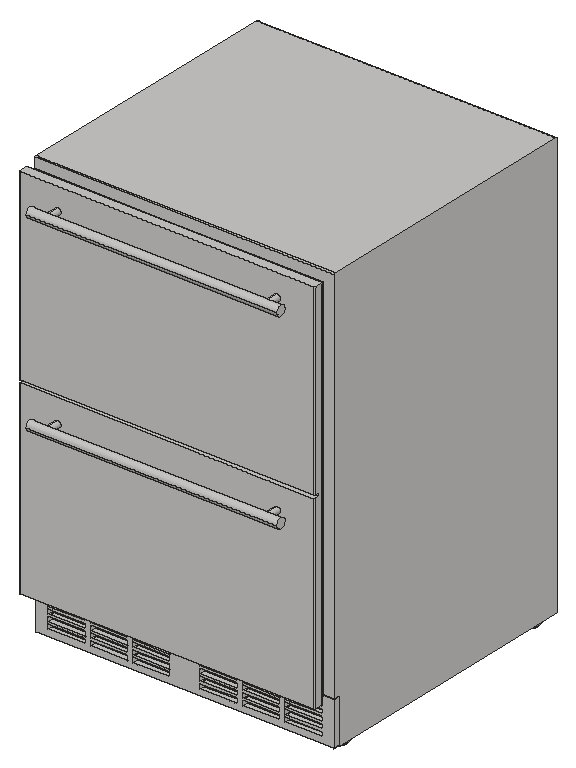
Revit family "Outdoor-Kitchen-Equipment_Kalamazoo_Dual-Zone-Cold-Cabinets_Signature1", category Specialty Equipment, Revit 2018 (continued)
Automatic sketch dimensions
  Revolve 18 sketch curve to Revolve 18 sketch curve = 0.20755"
  Revolve 18 sketch curve to Revolve 18 sketch curve = 0.135"
  Revolve 18 sketch curve to Revolve 18 sketch curve = 0.0785"
  Revolve 18 sketch curve to Revolve 18 sketch curve = 0.19029"
  plane 10 to Extrusion 2 sketch curve = 0"
  plane 10 to Revolve 5 sketch curve = 0.24984"
  Revolve 5 sketch curve to plane 10 = 0"
  Revolve 5 sketch curve to plane 10 = 0.03122"
  plane 10 to Revolve 10 sketch curve = 3.11889"
  plane 10 to Extrusion 17 sketch curve = 0"
  Extrusion 24 sketch curve to plane 18 = 1.0735"  (x2)
  level to Extrusion 24 sketch curve = 17.1238"
  plane 10 to Extrusion 24 sketch curve = 2.0587"
  Revolve 25 sketch curve to plane 18 = 0.80863"
  Revolve 25 sketch curve to plane 11 = 0.04664"
  plane 10 to Revolve 25 sketch curve = 2.0587"
  Revolve 25 sketch curve to Revolve 25 sketch curve = 1/4"
  Revolve 25 sketch curve to Revolve 25 sketch curve = 0"  (x2)
  Revolve 25 sketch curve to Revolve 25 sketch curve = 1/2"
  Revolve 26 sketch curve to plane 18 = 0.80863"
  Revolve 26 sketch curve to plane 11 = 0.04664"
  level to Revolve 26 sketch curve = 17.12381"
  Revolve 26 sketch curve to Revolve 26 sketch curve = 1/4"
  Revolve 26 sketch curve to Revolve 26 sketch curve = 0"  (x2)
  Revolve 26 sketch curve to Revolve 26 sketch curve = 1/2"
  plane 18 to Revolve 27 sketch curve = 0.80863"
  plane 11 to Revolve 27 sketch curve = 0.04664"
  Revolve 27 sketch curve to plane 10 = 2.0587"
  Revolve 27 sketch curve to Revolve 27 sketch curve = 1/4"
  Revolve 27 sketch curve to Revolve 27 sketch curve = 0"  (x2)
  Revolve 27 sketch curve to Revolve 27 sketch curve = 1/2"
  plane 18 to Revolve 28 sketch curve = 0.80863"
  plane 11 to Revolve 28 sketch curve = 0.04664"
  Revolve 28 sketch curve to level = 17.12381"
  Revolve 28 sketch curve to Revolve 28 sketch curve = 1/4"
  Revolve 28 sketch curve to Revolve 28 sketch curve = 0"  (x2)
  Revolve 28 sketch curve to Revolve 28 sketch curve = 1/2"
  Masking region 14 sketch curve to plane 18 = 0.6985"  (x2)
  Masking region 14 sketch curve to Masking region 14 sketch curve = 3/4"
  Masking region 14 sketch curve to Masking region 14 sketch curve = 0"
  curve 1 to plane 17 = 0.1175"
  curve 1 to plane 18 = 0.6985"
  plane 12 to curve 1 = 0.91045"
  radius of Extrusion 12 sketch curve = 3/8"
  radius of Extrusion 20 sketch curve = 3/8"
  radius of Extrusion 24 sketch curve = 3/8"  (x2)
Connectors (in)
  electrical at (0, -0.035, 4.11625), driven by "Voltage", driven by "Apparent Load", driven by "Number of Poles", driven by "Apparent Load", driven by "Apparent Load", driven by "Power Factor"
    settings: on Extrusion 1, index 1, voltage 120 V, apparent load 0 VA, apparent load phase1 276 VA, apparent load phase2 276 VA, apparent load phase3 276 VA, power factor 0.8, load classification "Other", number of poles 3, system type 31, power factor state 1, is connector primary yes, connector utility no, sub classification motor no, connector description "Power Connector"
Types (4): name | URL | RHD | Model | IS-3 | GLASS | Description | IS-5 | DRAWER
  (no name) | "https://kalamazoogourmet.com/products/signature-24-inch-outdoor-refrigerator-freezer-dra/" | no | "K-HP24ZO-5" | no | 0" | "Signature 24-inch Outdoor Refrigerator / Freezer Drawers" | yes | 1/2"
  K-HP24DO-3 | "https://kalamazoogourmet.com/products/signature-24-inch-dual-zone-outdoor-wine-chiller/" | yes | "K-HP24DO-3" | yes | 1/4" | "Signature 24-inch Dual-Zone Outdoor Wine Chiller" | no | 0"
  K-HP24CO-3 | "https://kalamazoogourmet.com/products/signature-24-inch-dual-zone-outdoor-refrigerator-w/" | yes | "K-HP24CO-3" | yes | 1/4" | "Signature 24-inch Dual-Zone Outdoor Refrigerator / Wine Chiller" | no | 0"
  K-HP24ZO-5 | "https://kalamazoogourmet.com/products/signature-24-inch-outdoor-refrigerator-freezer-dra/" | no | "K-HP24ZO-5" | no | 0" | "Signature 24-inch Outdoor Refrigerator / Freezer Drawers" | yes | 1/2"
